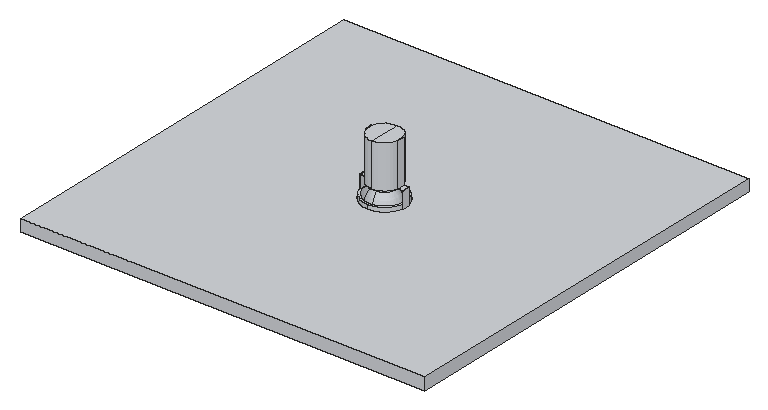
Revit family "Ambiance_L73", category Lighting Fixtures, Revit 2014
Parameters (values of type "Ambiance L73")
  Wattage Comments = "8.7"
  Wattage = 8.7 W
  built-in parameter 1150110 = 1 (stored number, unit not read)
  Type Comments = "Recessed"
  Type = "A4000/S-JJL"
  built-in parameter 1114217 = 1 (stored number, unit not read)
  built-in parameter 1150109 = 1 (stored number, unit not read)
  built-in parameter 1150134 = 12
  built-in parameter 1150113 = 1 (stored number, unit not read)
  O/A Diameter (mm) = "73"
  Model = "Ambiance L73"
  Manufacturer = "Designed Architectural Lighting"
  Luminous flux of luminaire (lm) = "812"
  Lumens = 811.71 lm
  built-in parameter 1150115 = 1 (stored number, unit not read)
  built-in parameter 1150105 = 64.594 (stored number, unit not read)
  Light Source Symbol Size = 609.6 mm
  built-in parameter 1150137 = (empty or 0)
  built-in parameter 1150139 = (empty or 0)
  built-in parameter 1150112 = 1 (stored number, unit not read)
  built-in parameter 1150114 = 1 (stored number, unit not read)
  Lamp = "LED"
  built-in parameter 1150132 = (empty or 0)
  built-in parameter 1150102 = (empty or 0)
  built-in parameter 1150138 = (empty or 0)
  built-in parameter 1150107 = 4000 (stored number, unit not read)
  built-in parameter 1150106 = 0.64594 (stored number, unit not read)
  Height (mm) = "115"
  built-in parameter 1150104 = 8.6679 (stored number, unit not read)
  Dimming Lamp Color Temperature Shift = <None>
  Description = "Recessed LED downlighter"
  Cut Out (mm) = "67"
  Colour temperature (K) = "4000"
  Color Filter = 16777215
  CRI = "80"
  built-in parameter 1114218 = 1 (stored number, unit not read)
  built-in parameter 1150133 = 10 (stored number, unit not read)
  Apparent Load = 8.7 VA
  Aperture (mm) = "50"
Reference planes
  plane 1 "Light Source Axis (F/B)": y = 0
  plane 2: z = 0
  plane 3 "Light Source Axis (L/R)": x = 0
  plane 4 "Light Source Elevation": z = 0
Forms (mm)
  Extrusion 1, solid
    sketch origin (-38.915, -66.34, 0) x (1, 0, 0) y (0, 1, 0)
      loop
        line (-261.085, 366.181) -> (-261.085, -233.819) -> (338.915, -233.819) -> (338.915, 366.181) -> (-261.085, 366.181)
      loop
        circle (38.915, 66.181) r 32.5
    from 0 to 18
  Revolve 2, solid
    sketch origin (0, 0, 0) x (0, 1, 0) y (0, 0, 1)
      loop
        line (37.405, 0) -> (31.128, 0) -> (31.128, 23.388) -> (27.889, 23.388) -> (27.889, -2.122) -> (37.405, -2.122) -> (37.405, 0)
      axis (0, -2.122) -> (0, 23.388)
    angle from 0 to 360
  Revolve 3, solid
    sketch origin (0, 0, 0) x (0, 1, 0) y (0, 0, 1)
      loop
        line (27.889, -2.122) -> (27.889, -1.337) -> (24.883, -1.337)
        arc (24.883, -1.337) -> (23.918, 4.993) -> (22.441, 11.224) r 78.496
        line (22.441, 11.224) -> (24.297, 11.224) -> (24.297, 12.178) -> (21.55, 12.178)
        arc (21.55, 12.178) -> (23.235, 5.086) -> (24.33, -2.122) r 88.348
        line (24.33, -2.122) -> (27.889, -2.122)
      axis (0, 12.178) -> (0, -2.122)
    angle from 0 to 360
  Revolve 4, solid
    sketch origin (0, 0, 0) x (0, 1, 0) y (0, 0, 1)
      loop
        line (23.228, 104.86) -> (0, 104.86) -> (0, 41.448) -> (23.228, 41.448) -> (23.228, 104.86)
      axis (0, 104.86) -> (0, 41.448)
    angle from 0 to 360
  Revolve 5, solid
    sketch origin (0, 0, 0) x (0, 1, 0) y (0, 0, 1)
      loop
        line (22.977, 12.806) -> (22.977, 14.997)
        arc (22.977, 14.997) -> (19.348, 24.844) -> (14.137, 33.953) r 63.135
        line (14.137, 33.953) -> (8.249, 37.925) -> (6.184, 37.925)
        arc (6.184, 37.925) -> (11.104, 34.012) -> (14.481, 28.71) r 19.044
        line (14.481, 28.71) -> (21.232, 12.806) -> (22.977, 12.806)
      axis (0, 37.925) -> (0, 12.806)
    angle from 0 to 360
  Revolve 6, solid
    sketch origin (0, 0, 0) x (0, 1, 0) y (0, 0, 1)
      loop
        line (0, 41.448) -> (0, 37.995) -> (20, 37.995) -> (20, 41.448) -> (0, 41.448)
      axis (0, 41.448) -> (0, 37.995)
    angle from 0 to 360
  Extrusion 7, solid
    sketch origin (0, 0, 0) x (1, 0, 0) y (0, 1, 0)
      loop
        line (-31.093, 4.866) -> (-31.974, 4.866) -> (-31.974, -5) -> (-31.093, -5) -> (-31.093, 4.866)
    from 0 to 42.238
  Extrusion 8, solid
    sketch origin (63.097, 0.6, 0) x (1, 0, 0) y (0, 1, 0)
      loop
        line (-31.093, 4.266) -> (-31.974, 4.266) -> (-31.974, -5.6) -> (-31.093, -5.6) -> (-31.093, 4.266)
    from 0 to 41.448
  Extrusion 9, solid
    sketch origin (7.705, 0, 0) x (1, 0, 0) y (0, 1, 0)
      loop
        line (-31.093, 4.866) -> (-31.974, 4.866) -> (-31.974, -5) -> (-31.093, -5) -> (-31.093, 4.866)
    from 41.448 to 104.86
  Extrusion 10, solid
    sketch origin (55.274, 0, 0) x (1, 0, 0) y (0, 1, 0)
      loop
        line (-31.093, 4.866) -> (-31.974, 4.866) -> (-31.974, -5) -> (-31.093, -5) -> (-31.093, 4.866)
    from 41.448 to 104.86
  Extrusion 11, solid
    sketch origin (3.313, 0, 0) x (1, 0, 0) y (0, 1, 0)
      loop
        line (-26.701, 4.866) -> (-35.286, 4.866) -> (-35.286, -5) -> (-26.701, -5) -> (-26.701, 4.866)
    from 41.448 to 42.238
  Extrusion 12, solid
    sketch origin (58.586, 0, 0) x (1, 0, 0) y (0, 1, 0)
      loop
        line (-26.583, 4.866) -> (-35.286, 4.866) -> (-35.286, -5) -> (-26.583, -5) -> (-26.583, 4.866)
    from 41.448 to 42.238
Dimensions and locks
  aligned and locked: plane 3 "Light Source Axis (L/R)" to imposter light
  aligned and locked: plane 1 "Light Source Axis (F/B)" to imposter light
  aligned and locked: plane 4 "Light Source Elevation" to imposter light
  aligned and locked: level to plane 2
